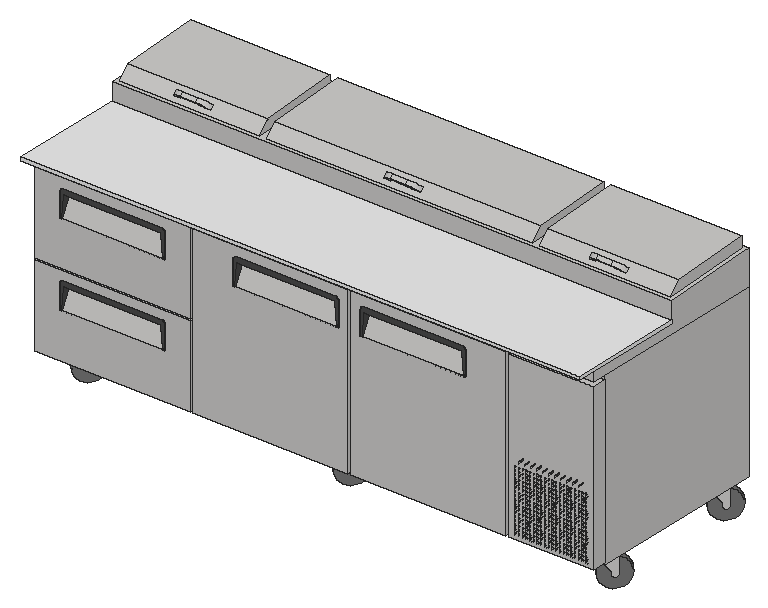
Revit family "QF_Turbo Air_TPR-93SD-D2", category Specialty Equipment, Revit 2012
Parameters
  Weight in Pounds = 711
  Watermarked By = "http://revitwatermark.com"
  Volts = 115 V
  URL Cutsheet = ""
  URL = "www.turboairinc.com"
  Status [instance] = ""
  Specification by User [instance] = ""
  Specification by Manufacturer [instance] = ""
  Serial Number [instance] = ""
  Revision Code [instance] = ""
  Phase = 1
  Number of Poles [instance] = 1
  NAFEM Spec ID Number [instance] = ""
  Model = "TPR-93SD-D2"
  Masterspec [instance] = ""
  Manufacturer = "Turbo Air"  # constant formula
  Legs [instance] = [6 inch Legs]  # no
  Item Number [instance] = "-"
  Installed By [instance] = ""
  HP = "2/3"
  Furnished By [instance] = ""
  Foodservice Equipment Identifier = yes
  FL Amps = 11 A
  Electrical Remarks [instance] = ""
  Electric Connection Type [instance] = ""
  Elec Conn RI Height [instance] = 0' - 0"
  Elec Conn Connection Height = 1' - 0"
  Description = "Pizza Prep Table"
  Cycle = 60 Hz
  Conn Plug = "NEMA 5-15P"
  Casters [instance] = not(Legs)  # yes
  CasterLeg Height [instance] = if([5 inch Casters], 0' 5 7/8", if([2_5 inch Casters], 0' 3 3/8", 0' 6"))  # 0' - 5 7/8"
  CSI MasterFormat = "11 41 13"
  Assembly Code = "E1090320"
  Apparent Power = if(Phase = 3, Volts * FL Amps * 1.73, Volts * FL Amps)  # 1265 VA
  6 inch Legs [instance] = no
  5 inch Casters [instance] = yes
  2_5 inch Casters [instance] = no
Reference planes (in)
  plane 1 "BACK": y = 0
  plane 2: z = 0
  plane 3 "LEFT": x = -20.78844
  plane 4 "RIGHT": x = 72.58656
  plane 5 "Front of Door": y = -32.25
  plane 6 "FRONT": y = -35.25
  plane 7 "Front of Pans": y = -16
  plane 8 "Left of Compressor": x = 58.46156
  plane 9 "Right of Left Door": x = 5.21156
  plane 10 "Bottom": z = 5.875
  plane 11 "TOP": z = 41.875
  plane 12 "Door Clearance": z = 53.25
  plane 13 "Work Top": z = 35.875
  plane 14: z = 34.3125
  plane 15 "Top of Door": z = 33.5625
  plane 16 "Bottom of Door": z = 6.125
  plane 17 "Back Stops": y = 1
  plane 18 "Front of Box": y = -29.875
  plane 19 "Left of Left Lid": x = -20.10094
  plane 20 "Right of Right Lid": x = 71.89906
  plane 21 "Handle Center of Left Lid": x = -8.44469
  plane 22 "Handle Elevation": z = 40.14331
  plane 23 "Handle Center FB": y = -14.47887
  plane 24 "Right of Right Door": x = 57.96156
  plane 25 "Left of Right Door": x = 31.96156
  plane 26 "Right of Left Lid": x = 3.21156
  plane 27 "Left of Right Lid": x = 50.02406
  plane 28 "Handle Center Right Lid": x = 60.96156
  plane 29 "Left of Middle Lid": x = 4.39906
  plane 30 "Right of Middle Lid": x = 48.83656
  plane 31 "Handle Center Middle Lid": x = 26.61781
  plane 32 "Left of Middle Door": x = 5.58656
  plane 33 "Right of Middle Door": x = 31.58656
  plane 34 "Front of Drawer Clearance": y = -57.375
Forms (in)
  Extrusion 1, solid, material "QF_Finishes_Stainless Steel"
    sketch origin (-20.78844, 0, 0) x (0, 1, 0) y (0, 0, 1)
      loop
        line (0, 34.3125) -> (-29.875, 34.3125) -> (-29.875, 5.875) -> (0, 5.875) -> (0, 34.3125)
    from 0 to 93.375
  Extrusion 2, solid, material "QF_Finishes_Stainless Steel"
    sketch origin (-20.78844, 0, 0) x (0, 1, 0) y (0, 0, 1)
      loop
        line (0, 34.3125) -> (0, 40.1875) -> (-16, 39.1875) -> (-16, 35.875) -> (-32.25, 35.875) -> (-32.25, 34.3125) -> (0, 34.3125)
    from 0 to 93.375
  Extrusion 3, solid, material "QF_Finishes_Stainless Steel"
    sketch origin (-20.10094, 0, 0) x (0, 1, 0) y (0, 0, 1)
      loop
        line (-0.43665, 40.16021) -> (-0.54382, 41.875) -> (-13.67506, 41.0543) -> (-15.28268, 39.23233) -> (-0.43665, 40.16021)
    from 0 to 23.3125
  Extrusion 4, solid, material "QF_Finishes_Stainless Steel"
    sketch origin (0, 15.62211, 13.58363) x (1, 0, 0) y (0, -0.749838, 0.661622)
      loop
        line (-6.44469, 40.14331) -> (-5.44469, 40.14331)
        arc (-5.44469, 40.14331) -> (-6.1194, 41.04872) -> (-7.19469, 41.39331) r 1.85
        line (-7.19469, 41.39331) -> (-9.69469, 41.39331)
        arc (-9.69469, 41.39331) -> (-10.76998, 41.04872) -> (-11.44469, 40.14331) r 1.85
        line (-11.44469, 40.14331) -> (-10.44469, 40.14331) -> (-10.44469, 40.64331)
        arc (-10.44469, 40.64331) -> (-10.29824, 40.99687) -> (-9.94469, 41.14331) r 0.5
        line (-9.94469, 41.14331) -> (-6.94469, 41.14331)
        arc (-6.94469, 41.14331) -> (-6.59114, 40.99687) -> (-6.44469, 40.64331) r 0.5
        line (-6.44469, 40.64331) -> (-6.44469, 40.14331)
    from -0.375 to 0.375
  Extrusion 5, solid, material "QF_Finishes_Black"
    sketch origin (0, -29.875, 0) x (1, 0, 0) y (0, 0, 1)
      loop
        line (-19.78844, 32.5625) -> (-19.78844, 7.125) -> (4.21156, 7.125) -> (4.21156, 32.5625) -> (-19.78844, 32.5625)
    from 0 to 0.5625
  Extrusion 6, solid, material "QF_Finishes_Stainless Steel"
    sketch origin (0, -29.875, 0) x (1, 0, 0) y (0, 0, 1)
      loop
        line (58.46156, 33.5625) -> (58.46156, 6.125) -> (72.58656, 6.125) -> (72.58656, 33.5625) -> (58.46156, 33.5625)
      loop
        line (66.02406, 7.125) -> (65.64906, 7.125) -> (65.64906, 6.75) -> (66.02406, 6.75) -> (66.02406, 7.125)
      loop
        line (66.64906, 7.125) -> (66.27406, 7.125) -> (66.27406, 6.75) -> (66.64906, 6.75) -> (66.64906, 7.125)
      loop
        line (67.27406, 7.125) -> (66.89906, 7.125) -> (66.89906, 6.75) -> (67.27406, 6.75) -> (67.27406, 7.125)
      loop
        line (67.89906, 7.125) -> (67.52406, 7.125) -> (67.52406, 6.75) -> (67.89906, 6.75) -> (67.89906, 7.125)
      loop
        line (68.52406, 7.125) -> (68.14906, 7.125) -> (68.14906, 6.75) -> (68.52406, 6.75) -> (68.52406, 7.125)
      loop
        line (69.14906, 7.125) -> (68.77406, 7.125) -> (68.77406, 6.75) -> (69.14906, 6.75) -> (69.14906, 7.125)
      loop
        line (69.77406, 7.125) -> (69.39906, 7.125) -> (69.39906, 6.75) -> (69.77406, 6.75) -> (69.77406, 7.125)
      loop
        line (70.39906, 7.125) -> (70.02406, 7.125) -> (70.02406, 6.75) -> (70.39906, 6.75) -> (70.39906, 7.125)
      loop
        line (71.02406, 7.125) -> (70.64906, 7.125) -> (70.64906, 6.75) -> (71.02406, 6.75) -> (71.02406, 7.125)
      loop
        line (71.64906, 6.75) -> (71.64906, 7.125) -> (71.27406, 7.125) -> (71.27406, 6.75) -> (71.64906, 6.75)
      loop
        line (65.02406, 7.125) -> (65.02406, 6.75) -> (65.39906, 6.75) -> (65.39906, 7.125) -> (65.02406, 7.125)
      loop
        line (64.39906, 7.125) -> (64.39906, 6.75) -> (64.77406, 6.75) -> (64.77406, 7.125) -> (64.39906, 7.125)
      loop
        line (63.77406, 7.125) -> (63.77406, 6.75) -> (64.14906, 6.75) -> (64.14906, 7.125) -> (63.77406, 7.125)
      loop
        line (63.14906, 7.125) -> (63.14906, 6.75) -> (63.52406, 6.75) -> (63.52406, 7.125) -> (63.14906, 7.125)
      loop
        line (62.52406, 7.125) -> (62.52406, 6.75) -> (62.89906, 6.75) -> (62.89906, 7.125) -> (62.52406, 7.125)
      loop
        line (61.89906, 7.125) -> (61.89906, 6.75) -> (62.27406, 6.75) -> (62.27406, 7.125) -> (61.89906, 7.125)
      loop
        line (61.27406, 7.125) -> (61.27406, 6.75) -> (61.64906, 6.75) -> (61.64906, 7.125) -> (61.27406, 7.125)
      loop
        line (60.64906, 7.125) -> (60.64906, 6.75) -> (61.02406, 6.75) -> (61.02406, 7.125) -> (60.64906, 7.125)
      loop
        line (60.02406, 7.125) -> (60.02406, 6.75) -> (60.39906, 6.75) -> (60.39906, 7.125) -> (60.02406, 7.125)
      loop
        line (59.39906, 6.75) -> (59.77406, 6.75) -> (59.77406, 7.125) -> (59.39906, 7.125) -> (59.39906, 6.75)
      loop
        line (66.02406, 7.75) -> (65.64906, 7.75) -> (65.64906, 7.375) -> (66.02406, 7.375) -> (66.02406, 7.75)
      loop
        line (66.64906, 7.75) -> (66.27406, 7.75) -> (66.27406, 7.375) -> (66.64906, 7.375) -> (66.64906, 7.75)
      loop
        line (67.27406, 7.75) -> (66.89906, 7.75) -> (66.89906, 7.375) -> (67.27406, 7.375) -> (67.27406, 7.75)
      loop
        line (67.89906, 7.75) -> (67.52406, 7.75) -> (67.52406, 7.375) -> (67.89906, 7.375) -> (67.89906, 7.75)
      loop
        line (68.52406, 7.75) -> (68.14906, 7.75) -> (68.14906, 7.375) -> (68.52406, 7.375) -> (68.52406, 7.75)
      loop
        line (69.14906, 7.75) -> (68.77406, 7.75) -> (68.77406, 7.375) -> (69.14906, 7.375) -> (69.14906, 7.75)
      loop
        line (69.77406, 7.75) -> (69.39906, 7.75) -> (69.39906, 7.375) -> (69.77406, 7.375) -> (69.77406, 7.75)
      loop
        line (70.39906, 7.75) -> (70.02406, 7.75) -> (70.02406, 7.375) -> (70.39906, 7.375) -> (70.39906, 7.75)
      loop
        line (71.02406, 7.75) -> (70.64906, 7.75) -> (70.64906, 7.375) -> (71.02406, 7.375) -> (71.02406, 7.75)
      loop
        line (71.64906, 7.375) -> (71.64906, 7.75) -> (71.27406, 7.75) -> (71.27406, 7.375) -> (71.64906, 7.375)
      loop
        line (65.02406, 7.75) -> (65.02406, 7.375) -> (65.39906, 7.375) -> (65.39906, 7.75) -> (65.02406, 7.75)
      loop
        line (64.39906, 7.75) -> (64.39906, 7.375) -> (64.77406, 7.375) -> (64.77406, 7.75) -> (64.39906, 7.75)
      loop
        line (63.77406, 7.75) -> (63.77406, 7.375) -> (64.14906, 7.375) -> (64.14906, 7.75) -> (63.77406, 7.75)
      loop
        line (63.14906, 7.75) -> (63.14906, 7.375) -> (63.52406, 7.375) -> (63.52406, 7.75) -> (63.14906, 7.75)
      loop
        line (62.52406, 7.75) -> (62.52406, 7.375) -> (62.89906, 7.375) -> (62.89906, 7.75) -> (62.52406, 7.75)
      loop
        line (61.89906, 7.75) -> (61.89906, 7.375) -> (62.27406, 7.375) -> (62.27406, 7.75) -> (61.89906, 7.75)
      loop
        line (61.27406, 7.75) -> (61.27406, 7.375) -> (61.64906, 7.375) -> (61.64906, 7.75) -> (61.27406, 7.75)
      loop
        line (60.64906, 7.75) -> (60.64906, 7.375) -> (61.02406, 7.375) -> (61.02406, 7.75) -> (60.64906, 7.75)
      loop
        line (60.02406, 7.75) -> (60.02406, 7.375) -> (60.39906, 7.375) -> (60.39906, 7.75) -> (60.02406, 7.75)
      loop
        line (59.39906, 7.375) -> (59.77406, 7.375) -> (59.77406, 7.75) -> (59.39906, 7.75) -> (59.39906, 7.375)
      loop
        line (66.02406, 8.375) -> (65.64906, 8.375) -> (65.64906, 8) -> (66.02406, 8) -> (66.02406, 8.375)
      loop
        line (66.64906, 8.375) -> (66.27406, 8.375) -> (66.27406, 8) -> (66.64906, 8) -> (66.64906, 8.375)
      loop
        line (67.27406, 8.375) -> (66.89906, 8.375) -> (66.89906, 8) -> (67.27406, 8) -> (67.27406, 8.375)
      loop
        line (67.89906, 8.375) -> (67.52406, 8.375) -> (67.52406, 8) -> (67.89906, 8) -> (67.89906, 8.375)
      loop
        line (68.52406, 8.375) -> (68.14906, 8.375) -> (68.14906, 8) -> (68.52406, 8) -> (68.52406, 8.375)
      loop
        line (69.14906, 8.375) -> (68.77406, 8.375) -> (68.77406, 8) -> (69.14906, 8) -> (69.14906, 8.375)
      loop
        line (69.77406, 8.375) -> (69.39906, 8.375) -> (69.39906, 8) -> (69.77406, 8) -> (69.77406, 8.375)
      loop
        line (70.39906, 8.375) -> (70.02406, 8.375) -> (70.02406, 8) -> (70.39906, 8) -> (70.39906, 8.375)
      loop
        line (71.02406, 8.375) -> (70.64906, 8.375) -> (70.64906, 8) -> (71.02406, 8) -> (71.02406, 8.375)
      loop
        line (71.64906, 8) -> (71.64906, 8.375) -> (71.27406, 8.375) -> (71.27406, 8) -> (71.64906, 8)
      loop
        line (65.02406, 8.375) -> (65.02406, 8) -> (65.39906, 8) -> (65.39906, 8.375) -> (65.02406, 8.375)
      loop
        line (64.39906, 8.375) -> (64.39906, 8) -> (64.77406, 8) -> (64.77406, 8.375) -> (64.39906, 8.375)
      loop
        line (63.77406, 8.375) -> (63.77406, 8) -> (64.14906, 8) -> (64.14906, 8.375) -> (63.77406, 8.375)
      loop
        line (63.14906, 8.375) -> (63.14906, 8) -> (63.52406, 8) -> (63.52406, 8.375) -> (63.14906, 8.375)
      loop
        line (62.52406, 8.375) -> (62.52406, 8) -> (62.89906, 8) -> (62.89906, 8.375) -> (62.52406, 8.375)
      loop
        line (61.89906, 8.375) -> (61.89906, 8) -> (62.27406, 8) -> (62.27406, 8.375) -> (61.89906, 8.375)
      loop
        line (61.27406, 8.375) -> (61.27406, 8) -> (61.64906, 8) -> (61.64906, 8.375) -> (61.27406, 8.375)
      loop
        line (60.64906, 8.375) -> (60.64906, 8) -> (61.02406, 8) -> (61.02406, 8.375) -> (60.64906, 8.375)
      loop
        line (60.02406, 8.375) -> (60.02406, 8) -> (60.39906, 8) -> (60.39906, 8.375) -> (60.02406, 8.375)
      loop
        line (59.39906, 8) -> (59.77406, 8) -> (59.77406, 8.375) -> (59.39906, 8.375) -> (59.39906, 8)
      loop
        line (66.02406, 9) -> (65.64906, 9) -> (65.64906, 8.625) -> (66.02406, 8.625) -> (66.02406, 9)
      loop
        line (66.64906, 9) -> (66.27406, 9) -> (66.27406, 8.625) -> (66.64906, 8.625) -> (66.64906, 9)
      loop
        line (67.27406, 9) -> (66.89906, 9) -> (66.89906, 8.625) -> (67.27406, 8.625) -> (67.27406, 9)
      loop
        line (67.89906, 9) -> (67.52406, 9) -> (67.52406, 8.625) -> (67.89906, 8.625) -> (67.89906, 9)
      loop
        line (68.52406, 9) -> (68.14906, 9) -> (68.14906, 8.625) -> (68.52406, 8.625) -> (68.52406, 9)
      loop
        line (69.14906, 9) -> (68.77406, 9) -> (68.77406, 8.625) -> (69.14906, 8.625) -> (69.14906, 9)
      loop
        line (69.77406, 9) -> (69.39906, 9) -> (69.39906, 8.625) -> (69.77406, 8.625) -> (69.77406, 9)
      loop
        line (70.39906, 9) -> (70.02406, 9) -> (70.02406, 8.625) -> (70.39906, 8.625) -> (70.39906, 9)
      loop
        line (71.02406, 9) -> (70.64906, 9) -> (70.64906, 8.625) -> (71.02406, 8.625) -> (71.02406, 9)
      loop
        line (71.64906, 8.625) -> (71.64906, 9) -> (71.27406, 9) -> (71.27406, 8.625) -> (71.64906, 8.625)
      loop
        line (65.02406, 9) -> (65.02406, 8.625) -> (65.39906, 8.625) -> (65.39906, 9) -> (65.02406, 9)
      loop
        line (64.39906, 9) -> (64.39906, 8.625) -> (64.77406, 8.625) -> (64.77406, 9) -> (64.39906, 9)
      loop
        line (63.77406, 9) -> (63.77406, 8.625) -> (64.14906, 8.625) -> (64.14906, 9) -> (63.77406, 9)
      loop
        line (63.14906, 9) -> (63.14906, 8.625) -> (63.52406, 8.625) -> (63.52406, 9) -> (63.14906, 9)
      loop
        line (62.52406, 9) -> (62.52406, 8.625) -> (62.89906, 8.625) -> (62.89906, 9) -> (62.52406, 9)
      loop
        line (61.89906, 9) -> (61.89906, 8.625) -> (62.27406, 8.625) -> (62.27406, 9) -> (61.89906, 9)
      loop
        line (61.27406, 9) -> (61.27406, 8.625) -> (61.64906, 8.625) -> (61.64906, 9) -> (61.27406, 9)
      loop
        line (60.64906, 9) -> (60.64906, 8.625) -> (61.02406, 8.625) -> (61.02406, 9) -> (60.64906, 9)
      loop
        line (60.02406, 9) -> (60.02406, 8.625) -> (60.39906, 8.625) -> (60.39906, 9) -> (60.02406, 9)
      loop
        line (59.39906, 8.625) -> (59.77406, 8.625) -> (59.77406, 9) -> (59.39906, 9) -> (59.39906, 8.625)
      loop
        line (66.02406, 9.625) -> (65.64906, 9.625) -> (65.64906, 9.25) -> (66.02406, 9.25) -> (66.02406, 9.625)
      loop
        line (66.64906, 9.625) -> (66.27406, 9.625) -> (66.27406, 9.25) -> (66.64906, 9.25) -> (66.64906, 9.625)
      loop
        line (67.27406, 9.625) -> (66.89906, 9.625) -> (66.89906, 9.25) -> (67.27406, 9.25) -> (67.27406, 9.625)
      loop
        line (67.89906, 9.625) -> (67.52406, 9.625) -> (67.52406, 9.25) -> (67.89906, 9.25) -> (67.89906, 9.625)
      loop
        line (68.52406, 9.625) -> (68.14906, 9.625) -> (68.14906, 9.25) -> (68.52406, 9.25) -> (68.52406, 9.625)
      loop
        line (69.14906, 9.625) -> (68.77406, 9.625) -> (68.77406, 9.25) -> (69.14906, 9.25) -> (69.14906, 9.625)
      loop
        line (69.77406, 9.625) -> (69.39906, 9.625) -> (69.39906, 9.25) -> (69.77406, 9.25) -> (69.77406, 9.625)
      loop
        line (70.39906, 9.625) -> (70.02406, 9.625) -> (70.02406, 9.25) -> (70.39906, 9.25) -> (70.39906, 9.625)
      loop
        line (71.02406, 9.625) -> (70.64906, 9.625) -> (70.64906, 9.25) -> (71.02406, 9.25) -> (71.02406, 9.625)
      loop
        line (71.64906, 9.25) -> (71.64906, 9.625) -> (71.27406, 9.625) -> (71.27406, 9.25) -> (71.64906, 9.25)
      loop
        line (65.02406, 9.625) -> (65.02406, 9.25) -> (65.39906, 9.25) -> (65.39906, 9.625) -> (65.02406, 9.625)
      loop
        line (64.39906, 9.625) -> (64.39906, 9.25) -> (64.77406, 9.25) -> (64.77406, 9.625) -> (64.39906, 9.625)
      loop
        line (63.77406, 9.625) -> (63.77406, 9.25) -> (64.14906, 9.25) -> (64.14906, 9.625) -> (63.77406, 9.625)
      loop
        line (63.14906, 9.625) -> (63.14906, 9.25) -> (63.52406, 9.25) -> (63.52406, 9.625) -> (63.14906, 9.625)
      loop
        line (62.52406, 9.625) -> (62.52406, 9.25) -> (62.89906, 9.25) -> (62.89906, 9.625) -> (62.52406, 9.625)
      loop
        line (61.89906, 9.625) -> (61.89906, 9.25) -> (62.27406, 9.25) -> (62.27406, 9.625) -> (61.89906, 9.625)
      loop
        line (61.27406, 9.625) -> (61.27406, 9.25) -> (61.64906, 9.25) -> (61.64906, 9.625) -> (61.27406, 9.625)
      loop
        line (60.64906, 9.625) -> (60.64906, 9.25) -> (61.02406, 9.25) -> (61.02406, 9.625) -> (60.64906, 9.625)
      loop
        line (60.02406, 9.625) -> (60.02406, 9.25) -> (60.39906, 9.25) -> (60.39906, 9.625) -> (60.02406, 9.625)
      loop
        line (59.39906, 9.25) -> (59.77406, 9.25) -> (59.77406, 9.625) -> (59.39906, 9.625) -> (59.39906, 9.25)
      loop
        line (66.02406, 10.25) -> (65.64906, 10.25) -> (65.64906, 9.875) -> (66.02406, 9.875) -> (66.02406, 10.25)
      loop
        line (66.64906, 10.25) -> (66.27406, 10.25) -> (66.27406, 9.875) -> (66.64906, 9.875) -> (66.64906, 10.25)
      loop
        line (67.27406, 10.25) -> (66.89906, 10.25) -> (66.89906, 9.875) -> (67.27406, 9.875) -> (67.27406, 10.25)
      loop
        line (67.89906, 10.25) -> (67.52406, 10.25) -> (67.52406, 9.875) -> (67.89906, 9.875) -> (67.89906, 10.25)
      loop
        line (68.52406, 10.25) -> (68.14906, 10.25) -> (68.14906, 9.875) -> (68.52406, 9.875) -> (68.52406, 10.25)
      loop
        line (69.14906, 10.25) -> (68.77406, 10.25) -> (68.77406, 9.875) -> (69.14906, 9.875) -> (69.14906, 10.25)
      loop
        line (69.77406, 10.25) -> (69.39906, 10.25) -> (69.39906, 9.875) -> (69.77406, 9.875) -> (69.77406, 10.25)
      loop
        line (70.39906, 10.25) -> (70.02406, 10.25) -> (70.02406, 9.875) -> (70.39906, 9.875) -> (70.39906, 10.25)
      loop
        line (71.02406, 10.25) -> (70.64906, 10.25) -> (70.64906, 9.875) -> (71.02406, 9.875) -> (71.02406, 10.25)
      loop
        line (71.64906, 9.875) -> (71.64906, 10.25) -> (71.27406, 10.25) -> (71.27406, 9.875) -> (71.64906, 9.875)
      loop
        line (65.02406, 10.25) -> (65.02406, 9.875) -> (65.39906, 9.875) -> (65.39906, 10.25) -> (65.02406, 10.25)
      loop
        line (64.39906, 10.25) -> (64.39906, 9.875) -> (64.77406, 9.875) -> (64.77406, 10.25) -> (64.39906, 10.25)
      loop
        line (63.77406, 10.25) -> (63.77406, 9.875) -> (64.14906, 9.875) -> (64.14906, 10.25) -> (63.77406, 10.25)
      loop
        line (63.14906, 10.25) -> (63.14906, 9.875) -> (63.52406, 9.875) -> (63.52406, 10.25) -> (63.14906, 10.25)
      loop
        line (62.52406, 10.25) -> (62.52406, 9.875) -> (62.89906, 9.875) -> (62.89906, 10.25) -> (62.52406, 10.25)
      loop
        line (61.89906, 10.25) -> (61.89906, 9.875) -> (62.27406, 9.875) -> (62.27406, 10.25) -> (61.89906, 10.25)
      loop
        line (61.27406, 10.25) -> (61.27406, 9.875) -> (61.64906, 9.875) -> (61.64906, 10.25) -> (61.27406, 10.25)
      loop
        line (60.64906, 10.25) -> (60.64906, 9.875) -> (61.02406, 9.875) -> (61.02406, 10.25) -> (60.64906, 10.25)
      loop
        line (60.02406, 10.25) -> (60.02406, 9.875) -> (60.39906, 9.875) -> (60.39906, 10.25) -> (60.02406, 10.25)
      loop
        line (59.39906, 9.875) -> (59.77406, 9.875) -> (59.77406, 10.25) -> (59.39906, 10.25) -> (59.39906, 9.875)
      loop
        line (66.02406, 10.875) -> (65.64906, 10.875) -> (65.64906, 10.5) -> (66.02406, 10.5) -> (66.02406, 10.875)
      loop
        line (66.64906, 10.875) -> (66.27406, 10.875) -> (66.27406, 10.5) -> (66.64906, 10.5) -> (66.64906, 10.875)
      loop
        line (67.27406, 10.875) -> (66.89906, 10.875) -> (66.89906, 10.5) -> (67.27406, 10.5) -> (67.27406, 10.875)
      loop
        line (67.89906, 10.875) -> (67.52406, 10.875) -> (67.52406, 10.5) -> (67.89906, 10.5) -> (67.89906, 10.875)
      loop
        line (68.52406, 10.875) -> (68.14906, 10.875) -> (68.14906, 10.5) -> (68.52406, 10.5) -> (68.52406, 10.875)
      loop
        line (69.14906, 10.875) -> (68.77406, 10.875) -> (68.77406, 10.5) -> (69.14906, 10.5) -> (69.14906, 10.875)
      loop
        line (69.77406, 10.875) -> (69.39906, 10.875) -> (69.39906, 10.5) -> (69.77406, 10.5) -> (69.77406, 10.875)
      loop
        line (70.39906, 10.875) -> (70.02406, 10.875) -> (70.02406, 10.5) -> (70.39906, 10.5) -> (70.39906, 10.875)
      loop
        line (71.02406, 10.875) -> (70.64906, 10.875) -> (70.64906, 10.5) -> (71.02406, 10.5) -> (71.02406, 10.875)
      loop
        line (71.64906, 10.5) -> (71.64906, 10.875) -> (71.27406, 10.875) -> (71.27406, 10.5) -> (71.64906, 10.5)
      loop
        line (65.02406, 10.875) -> (65.02406, 10.5) -> (65.39906, 10.5) -> (65.39906, 10.875) -> (65.02406, 10.875)
      loop
        line (64.39906, 10.875) -> (64.39906, 10.5) -> (64.77406, 10.5) -> (64.77406, 10.875) -> (64.39906, 10.875)
      loop
        line (63.77406, 10.875) -> (63.77406, 10.5) -> (64.14906, 10.5) -> (64.14906, 10.875) -> (63.77406, 10.875)
      loop
        line (63.14906, 10.875) -> (63.14906, 10.5) -> (63.52406, 10.5) -> (63.52406, 10.875) -> (63.14906, 10.875)
      loop
        line (62.52406, 10.875) -> (62.52406, 10.5) -> (62.89906, 10.5) -> (62.89906, 10.875) -> (62.52406, 10.875)
      loop
        line (61.89906, 10.875) -> (61.89906, 10.5) -> (62.27406, 10.5) -> (62.27406, 10.875) -> (61.89906, 10.875)
      loop
        line (61.27406, 10.875) -> (61.27406, 10.5) -> (61.64906, 10.5) -> (61.64906, 10.875) -> (61.27406, 10.875)
      loop
        line (60.64906, 10.875) -> (60.64906, 10.5) -> (61.02406, 10.5) -> (61.02406, 10.875) -> (60.64906, 10.875)
      loop
        line (60.02406, 10.875) -> (60.02406, 10.5) -> (60.39906, 10.5) -> (60.39906, 10.875) -> (60.02406, 10.875)
      loop
        line (59.39906, 10.5) -> (59.77406, 10.5) -> (59.77406, 10.875) -> (59.39906, 10.875) -> (59.39906, 10.5)
      loop
        line (66.02406, 11.5) -> (65.64906, 11.5) -> (65.64906, 11.125) -> (66.02406, 11.125) -> (66.02406, 11.5)
      loop
        line (66.64906, 11.5) -> (66.27406, 11.5) -> (66.27406, 11.125) -> (66.64906, 11.125) -> (66.64906, 11.5)
      loop
        line (67.27406, 11.5) -> (66.89906, 11.5) -> (66.89906, 11.125) -> (67.27406, 11.125) -> (67.27406, 11.5)
      loop
        line (67.89906, 11.5) -> (67.52406, 11.5) -> (67.52406, 11.125) -> (67.89906, 11.125) -> (67.89906, 11.5)
      loop
        line (68.52406, 11.5) -> (68.14906, 11.5) -> (68.14906, 11.125) -> (68.52406, 11.125) -> (68.52406, 11.5)
      loop
        line (69.14906, 11.5) -> (68.77406, 11.5) -> (68.77406, 11.125) -> (69.14906, 11.125) -> (69.14906, 11.5)
      loop
        line (69.77406, 11.5) -> (69.39906, 11.5) -> (69.39906, 11.125) -> (69.77406, 11.125) -> (69.77406, 11.5)
      loop
        line (70.39906, 11.5) -> (70.02406, 11.5) -> (70.02406, 11.125) -> (70.39906, 11.125) -> (70.39906, 11.5)
      loop
        line (71.02406, 11.5) -> (70.64906, 11.5) -> (70.64906, 11.125) -> (71.02406, 11.125) -> (71.02406, 11.5)
      loop
        line (71.64906, 11.125) -> (71.64906, 11.5) -> (71.27406, 11.5) -> (71.27406, 11.125) -> (71.64906, 11.125)
      loop
        line (65.02406, 11.5) -> (65.02406, 11.125) -> (65.39906, 11.125) -> (65.39906, 11.5) -> (65.02406, 11.5)
      loop
        line (64.39906, 11.5) -> (64.39906, 11.125) -> (64.77406, 11.125) -> (64.77406, 11.5) -> (64.39906, 11.5)
      loop
        line (63.77406, 11.5) -> (63.77406, 11.125) -> (64.14906, 11.125) -> (64.14906, 11.5) -> (63.77406, 11.5)
      loop
        line (63.14906, 11.5) -> (63.14906, 11.125) -> (63.52406, 11.125) -> (63.52406, 11.5) -> (63.14906, 11.5)
      loop
        line (62.52406, 11.5) -> (62.52406, 11.125) -> (62.89906, 11.125) -> (62.89906, 11.5) -> (62.52406, 11.5)
      loop
        line (61.89906, 11.5) -> (61.89906, 11.125) -> (62.27406, 11.125) -> (62.27406, 11.5) -> (61.89906, 11.5)
      loop
        line (61.27406, 11.5) -> (61.27406, 11.125) -> (61.64906, 11.125) -> (61.64906, 11.5) -> (61.27406, 11.5)
      loop
        line (60.64906, 11.5) -> (60.64906, 11.125) -> (61.02406, 11.125) -> (61.02406, 11.5) -> (60.64906, 11.5)
      loop
        line (60.02406, 11.5) -> (60.02406, 11.125) -> (60.39906, 11.125) -> (60.39906, 11.5) -> (60.02406, 11.5)
      loop
        line (59.39906, 11.125) -> (59.77406, 11.125) -> (59.77406, 11.5) -> (59.39906, 11.5) -> (59.39906, 11.125)
      loop
        line (66.02406, 12.125) -> (65.64906, 12.125) -> (65.64906, 11.75) -> (66.02406, 11.75) -> (66.02406, 12.125)
      loop
        line (66.64906, 12.125) -> (66.27406, 12.125) -> (66.27406, 11.75) -> (66.64906, 11.75) -> (66.64906, 12.125)
      loop
        line (67.27406, 12.125) -> (66.89906, 12.125) -> (66.89906, 11.75) -> (67.27406, 11.75) -> (67.27406, 12.125)
      loop
        line (67.89906, 12.125) -> (67.52406, 12.125) -> (67.52406, 11.75) -> (67.89906, 11.75) -> (67.89906, 12.125)
      loop
        line (68.52406, 12.125) -> (68.14906, 12.125) -> (68.14906, 11.75) -> (68.52406, 11.75) -> (68.52406, 12.125)
      loop
        line (69.14906, 12.125) -> (68.77406, 12.125) -> (68.77406, 11.75) -> (69.14906, 11.75) -> (69.14906, 12.125)
      loop
        line (69.77406, 12.125) -> (69.39906, 12.125) -> (69.39906, 11.75) -> (69.77406, 11.75) -> (69.77406, 12.125)
      loop
        line (70.39906, 12.125) -> (70.02406, 12.125) -> (70.02406, 11.75) -> (70.39906, 11.75) -> (70.39906, 12.125)
      loop
        line (71.02406, 12.125) -> (70.64906, 12.125) -> (70.64906, 11.75) -> (71.02406, 11.75) -> (71.02406, 12.125)
      loop
        line (71.64906, 11.75) -> (71.64906, 12.125) -> (71.27406, 12.125) -> (71.27406, 11.75) -> (71.64906, 11.75)
      loop
        line (65.02406, 12.125) -> (65.02406, 11.75) -> (65.39906, 11.75) -> (65.39906, 12.125) -> (65.02406, 12.125)
      loop
        line (64.39906, 12.125) -> (64.39906, 11.75) -> (64.77406, 11.75) -> (64.77406, 12.125) -> (64.39906, 12.125)
      loop
        line (63.77406, 12.125) -> (63.77406, 11.75) -> (64.14906, 11.75) -> (64.14906, 12.125) -> (63.77406, 12.125)
      loop
        line (63.14906, 12.125) -> (63.14906, 11.75) -> (63.52406, 11.75) -> (63.52406, 12.125) -> (63.14906, 12.125)
      loop
        line (62.52406, 12.125) -> (62.52406, 11.75) -> (62.89906, 11.75) -> (62.89906, 12.125) -> (62.52406, 12.125)
      loop
        line (61.89906, 12.125) -> (61.89906, 11.75) -> (62.27406, 11.75) -> (62.27406, 12.125) -> (61.89906, 12.125)
      loop
        line (61.27406, 12.125) -> (61.27406, 11.75) -> (61.64906, 11.75) -> (61.64906, 12.125) -> (61.27406, 12.125)
      loop
        line (60.64906, 12.125) -> (60.64906, 11.75) -> (61.02406, 11.75) -> (61.02406, 12.125) -> (60.64906, 12.125)
      loop
        line (60.02406, 12.125) -> (60.02406, 11.75) -> (60.39906, 11.75) -> (60.39906, 12.125) -> (60.02406, 12.125)
      loop
        line (59.39906, 11.75) -> (59.77406, 11.75) -> (59.77406, 12.125) -> (59.39906, 12.125) -> (59.39906, 11.75)
      loop
        line (66.02406, 12.75) -> (65.64906, 12.75) -> (65.64906, 12.375) -> (66.02406, 12.375) -> (66.02406, 12.75)
      loop
        line (66.64906, 12.75) -> (66.27406, 12.75) -> (66.27406, 12.375) -> (66.64906, 12.375) -> (66.64906, 12.75)
      loop
        line (67.27406, 12.75) -> (66.89906, 12.75) -> (66.89906, 12.375) -> (67.27406, 12.375) -> (67.27406, 12.75)
      loop
        line (67.89906, 12.75) -> (67.52406, 12.75) -> (67.52406, 12.375) -> (67.89906, 12.375) -> (67.89906, 12.75)
      loop
        line (68.52406, 12.75) -> (68.14906, 12.75) -> (68.14906, 12.375) -> (68.52406, 12.375) -> (68.52406, 12.75)
      loop
        line (69.14906, 12.75) -> (68.77406, 12.75) -> (68.77406, 12.375) -> (69.14906, 12.375) -> (69.14906, 12.75)
      loop
        line (69.77406, 12.75) -> (69.39906, 12.75) -> (69.39906, 12.375) -> (69.77406, 12.375) -> (69.77406, 12.75)
      loop
        line (70.39906, 12.75) -> (70.02406, 12.75) -> (70.02406, 12.375) -> (70.39906, 12.375) -> (70.39906, 12.75)
      loop
        line (71.02406, 12.75) -> (70.64906, 12.75) -> (70.64906, 12.375) -> (71.02406, 12.375) -> (71.02406, 12.75)
      loop
        line (71.64906, 12.375) -> (71.64906, 12.75) -> (71.27406, 12.75) -> (71.27406, 12.375) -> (71.64906, 12.375)
      loop
        line (65.02406, 12.75) -> (65.02406, 12.375) -> (65.39906, 12.375) -> (65.39906, 12.75) -> (65.02406, 12.75)
      loop
        line (64.39906, 12.75) -> (64.39906, 12.375) -> (64.77406, 12.375) -> (64.77406, 12.75) -> (64.39906, 12.75)
      loop
        line (63.77406, 12.75) -> (63.77406, 12.375) -> (64.14906, 12.375) -> (64.14906, 12.75) -> (63.77406, 12.75)
      loop
        line (63.14906, 12.75) -> (63.14906, 12.375) -> (63.52406, 12.375) -> (63.52406, 12.75) -> (63.14906, 12.75)
      loop
        line (62.52406, 12.75) -> (62.52406, 12.375) -> (62.89906, 12.375) -> (62.89906, 12.75) -> (62.52406, 12.75)
      loop
        line (61.89906, 12.75) -> (61.89906, 12.375) -> (62.27406, 12.375) -> (62.27406, 12.75) -> (61.89906, 12.75)
      loop
        line (61.27406, 12.75) -> (61.27406, 12.375) -> (61.64906, 12.375) -> (61.64906, 12.75) -> (61.27406, 12.75)
      loop
        line (60.64906, 12.75) -> (60.64906, 12.375) -> (61.02406, 12.375) -> (61.02406, 12.75) -> (60.64906, 12.75)
      loop
        line (60.02406, 12.75) -> (60.02406, 12.375) -> (60.39906, 12.375) -> (60.39906, 12.75) -> (60.02406, 12.75)
      loop
        line (59.39906, 12.375) -> (59.77406, 12.375) -> (59.77406, 12.75) -> (59.39906, 12.75) -> (59.39906, 12.375)
      loop
        line (66.02406, 13.375) -> (65.64906, 13.375) -> (65.64906, 13) -> (66.02406, 13) -> (66.02406, 13.375)
      loop
        line (66.64906, 13.375) -> (66.27406, 13.375) -> (66.27406, 13) -> (66.64906, 13) -> (66.64906, 13.375)
      loop
        line (67.27406, 13.375) -> (66.89906, 13.375) -> (66.89906, 13) -> (67.27406, 13) -> (67.27406, 13.375)
      loop
        line (67.89906, 13.375) -> (67.52406, 13.375) -> (67.52406, 13) -> (67.89906, 13) -> (67.89906, 13.375)
      loop
        line (68.52406, 13.375) -> (68.14906, 13.375) -> (68.14906, 13) -> (68.52406, 13) -> (68.52406, 13.375)
      loop
        line (69.14906, 13.375) -> (68.77406, 13.375) -> (68.77406, 13) -> (69.14906, 13) -> (69.14906, 13.375)
      loop
        line (69.77406, 13.375) -> (69.39906, 13.375) -> (69.39906, 13) -> (69.77406, 13) -> (69.77406, 13.375)
      loop
        line (70.39906, 13.375) -> (70.02406, 13.375) -> (70.02406, 13) -> (70.39906, 13) -> (70.39906, 13.375)
      loop
        line (71.02406, 13.375) -> (70.64906, 13.375) -> (70.64906, 13) -> (71.02406, 13) -> (71.02406, 13.375)
      loop
        line (71.64906, 13) -> (71.64906, 13.375) -> (71.27406, 13.375) -> (71.27406, 13) -> (71.64906, 13)
      loop
        line (65.02406, 13.375) -> (65.02406, 13) -> (65.39906, 13) -> (65.39906, 13.375) -> (65.02406, 13.375)
      loop
        line (64.39906, 13.375) -> (64.39906, 13) -> (64.77406, 13) -> (64.77406, 13.375) -> (64.39906, 13.375)
      loop
        line (63.77406, 13.375) -> (63.77406, 13) -> (64.14906, 13) -> (64.14906, 13.375) -> (63.77406, 13.375)
      loop
        line (63.14906, 13.375) -> (63.14906, 13) -> (63.52406, 13) -> (63.52406, 13.375) -> (63.14906, 13.375)
      loop
        line (62.52406, 13.375) -> (62.52406, 13) -> (62.89906, 13) -> (62.89906, 13.375) -> (62.52406, 13.375)
      loop
        line (61.89906, 13.375) -> (61.89906, 13) -> (62.27406, 13) -> (62.27406, 13.375) -> (61.89906, 13.375)
      loop
        line (61.27406, 13.375) -> (61.27406, 13) -> (61.64906, 13) -> (61.64906, 13.375) -> (61.27406, 13.375)
      loop
        line (60.64906, 13.375) -> (60.64906, 13) -> (61.02406, 13) -> (61.02406, 13.375) -> (60.64906, 13.375)
      loop
        line (60.02406, 13.375) -> (60.02406, 13) -> (60.39906, 13) -> (60.39906, 13.375) -> (60.02406, 13.375)
      loop
        line (59.39906, 13) -> (59.77406, 13) -> (59.77406, 13.375) -> (59.39906, 13.375) -> (59.39906, 13)
      loop
        line (66.02406, 14) -> (65.64906, 14) -> (65.64906, 13.625) -> (66.02406, 13.625) -> (66.02406, 14)
      loop
        line (66.64906, 14) -> (66.27406, 14) -> (66.27406, 13.625) -> (66.64906, 13.625) -> (66.64906, 14)
      loop
        line (67.27406, 14) -> (66.89906, 14) -> (66.89906, 13.625) -> (67.27406, 13.625) -> (67.27406, 14)
      loop
        line (67.89906, 14) -> (67.52406, 14) -> (67.52406, 13.625) -> (67.89906, 13.625) -> (67.89906, 14)
      loop
        line (68.52406, 14) -> (68.14906, 14) -> (68.14906, 13.625) -> (68.52406, 13.625) -> (68.52406, 14)
      loop
        line (69.14906, 14) -> (68.77406, 14) -> (68.77406, 13.625) -> (69.14906, 13.625) -> (69.14906, 14)
      loop
        line (69.77406, 14) -> (69.39906, 14) -> (69.39906, 13.625) -> (69.77406, 13.625) -> (69.77406, 14)
      loop
        line (70.39906, 14) -> (70.02406, 14) -> (70.02406, 13.625) -> (70.39906, 13.625) -> (70.39906, 14)
      loop
        line (71.02406, 14) -> (70.64906, 14) -> (70.64906, 13.625) -> (71.02406, 13.625) -> (71.02406, 14)
      loop
        line (71.64906, 13.625) -> (71.64906, 14) -> (71.27406, 14) -> (71.27406, 13.625) -> (71.64906, 13.625)
      loop
        line (65.02406, 14) -> (65.02406, 13.625) -> (65.39906, 13.625) -> (65.39906, 14) -> (65.02406, 14)
      loop
        line (64.39906, 14) -> (64.39906, 13.625) -> (64.77406, 13.625) -> (64.77406, 14) -> (64.39906, 14)
      loop
        line (63.77406, 14) -> (63.77406, 13.625) -> (64.14906, 13.625) -> (64.14906, 14) -> (63.77406, 14)
      loop
        line (63.14906, 14) -> (63.14906, 13.625) -> (63.52406, 13.625) -> (63.52406, 14) -> (63.14906, 14)
      loop
        line (62.52406, 14) -> (62.52406, 13.625) -> (62.89906, 13.625) -> (62.89906, 14) -> (62.52406, 14)
      loop
        line (61.89906, 14) -> (61.89906, 13.625) -> (62.27406, 13.625) -> (62.27406, 14) -> (61.89906, 14)
      loop
        line (61.27406, 14) -> (61.27406, 13.625) -> (61.64906, 13.625) -> (61.64906, 14) -> (61.27406, 14)
      loop
        line (60.64906, 14) -> (60.64906, 13.625) -> (61.02406, 13.625) -> (61.02406, 14) -> (60.64906, 14)
      loop
        line (60.02406, 14) -> (60.02406, 13.625) -> (60.39906, 13.625) -> (60.39906, 14) -> (60.02406, 14)
      loop
        line (59.39906, 13.625) -> (59.77406, 13.625) -> (59.77406, 14) -> (59.39906, 14) -> (59.39906, 13.625)
      loop
        line (66.02406, 14.625) -> (65.64906, 14.625) -> (65.64906, 14.25) -> (66.02406, 14.25) -> (66.02406, 14.625)
      loop
        line (66.64906, 14.625) -> (66.27406, 14.625) -> (66.27406, 14.25) -> (66.64906, 14.25) -> (66.64906, 14.625)
      loop
        line (67.27406, 14.625) -> (66.89906, 14.625) -> (66.89906, 14.25) -> (67.27406, 14.25) -> (67.27406, 14.625)
      loop
        line (67.89906, 14.625) -> (67.52406, 14.625) -> (67.52406, 14.25) -> (67.89906, 14.25) -> (67.89906, 14.625)
      loop
        line (68.52406, 14.625) -> (68.14906, 14.625) -> (68.14906, 14.25) -> (68.52406, 14.25) -> (68.52406, 14.625)
      loop
        line (69.14906, 14.625) -> (68.77406, 14.625) -> (68.77406, 14.25) -> (69.14906, 14.25) -> (69.14906, 14.625)
      loop
        line (69.77406, 14.625) -> (69.39906, 14.625) -> (69.39906, 14.25) -> (69.77406, 14.25) -> (69.77406, 14.625)
      loop
        line (70.39906, 14.625) -> (70.02406, 14.625) -> (70.02406, 14.25) -> (70.39906, 14.25) -> (70.39906, 14.625)
      loop
        line (71.02406, 14.625) -> (70.64906, 14.625) -> (70.64906, 14.25) -> (71.02406, 14.25) -> (71.02406, 14.625)
      loop
        line (71.64906, 14.25) -> (71.64906, 14.625) -> (71.27406, 14.625) -> (71.27406, 14.25) -> (71.64906, 14.25)
      loop
        line (65.02406, 14.625) -> (65.02406, 14.25) -> (65.39906, 14.25) -> (65.39906, 14.625) -> (65.02406, 14.625)
      loop
        line (64.39906, 14.625) -> (64.39906, 14.25) -> (64.77406, 14.25) -> (64.77406, 14.625) -> (64.39906, 14.625)
      loop
        line (63.77406, 14.625) -> (63.77406, 14.25) -> (64.14906, 14.25) -> (64.14906, 14.625) -> (63.77406, 14.625)
      loop
        line (63.14906, 14.625) -> (63.14906, 14.25) -> (63.52406, 14.25) -> (63.52406, 14.625) -> (63.14906, 14.625)
      loop
        line (62.52406, 14.625) -> (62.52406, 14.25) -> (62.89906, 14.25) -> (62.89906, 14.625) -> (62.52406, 14.625)
      loop
        line (61.89906, 14.625) -> (61.89906, 14.25) -> (62.27406, 14.25) -> (62.27406, 14.625) -> (61.89906, 14.625)
      loop
        line (61.27406, 14.625) -> (61.27406, 14.25) -> (61.64906, 14.25) -> (61.64906, 14.625) -> (61.27406, 14.625)
      loop
        line (60.64906, 14.625) -> (60.64906, 14.25) -> (61.02406, 14.25) -> (61.02406, 14.625) -> (60.64906, 14.625)
      loop
        line (60.02406, 14.625) -> (60.02406, 14.25) -> (60.39906, 14.25) -> (60.39906, 14.625) -> (60.02406, 14.625)
      loop
        line (59.39906, 14.25) -> (59.77406, 14.25) -> (59.77406, 14.625) -> (59.39906, 14.625) -> (59.39906, 14.25)
      loop
        line (66.02406, 15.25) -> (65.64906, 15.25) -> (65.64906, 14.875) -> (66.02406, 14.875) -> (66.02406, 15.25)
      loop
        line (66.64906, 15.25) -> (66.27406, 15.25) -> (66.27406, 14.875) -> (66.64906, 14.875) -> (66.64906, 15.25)
      loop
        line (67.27406, 15.25) -> (66.89906, 15.25) -> (66.89906, 14.875) -> (67.27406, 14.875) -> (67.27406, 15.25)
      loop
        line (67.89906, 15.25) -> (67.52406, 15.25) -> (67.52406, 14.875) -> (67.89906, 14.875) -> (67.89906, 15.25)
      loop
        line (68.52406, 15.25) -> (68.14906, 15.25) -> (68.14906, 14.875) -> (68.52406, 14.875) -> (68.52406, 15.25)
      loop
        line (69.14906, 15.25) -> (68.77406, 15.25) -> (68.77406, 14.875) -> (69.14906, 14.875) -> (69.14906, 15.25)
      loop
        line (69.77406, 15.25) -> (69.39906, 15.25) -> (69.39906, 14.875) -> (69.77406, 14.875) -> (69.77406, 15.25)
      loop
        line (70.39906, 15.25) -> (70.02406, 15.25) -> (70.02406, 14.875) -> (70.39906, 14.875) -> (70.39906, 15.25)
      loop
        line (71.02406, 15.25) -> (70.64906, 15.25) -> (70.64906, 14.875) -> (71.02406, 14.875) -> (71.02406, 15.25)
      loop
        line (71.64906, 14.875) -> (71.64906, 15.25) -> (71.27406, 15.25) -> (71.27406, 14.875) -> (71.64906, 14.875)
      loop
        line (65.02406, 15.25) -> (65.02406, 14.875) -> (65.39906, 14.875) -> (65.39906, 15.25) -> (65.02406, 15.25)
      loop
        line (64.39906, 15.25) -> (64.39906, 14.875) -> (64.77406, 14.875) -> (64.77406, 15.25) -> (64.39906, 15.25)
      loop
        line (63.77406, 15.25) -> (63.77406, 14.875) -> (64.14906, 14.875) -> (64.14906, 15.25) -> (63.77406, 15.25)
      loop
        line (63.14906, 15.25) -> (63.14906, 14.875) -> (63.52406, 14.875) -> (63.52406, 15.25) -> (63.14906, 15.25)
      loop
        line (62.52406, 15.25) -> (62.52406, 14.875) -> (62.89906, 14.875) -> (62.89906, 15.25) -> (62.52406, 15.25)
      loop
        line (61.89906, 15.25) -> (61.89906, 14.875) -> (62.27406, 14.875) -> (62.27406, 15.25) -> (61.89906, 15.25)
      loop
        line (61.27406, 15.25) -> (61.27406, 14.875) -> (61.64906, 14.875) -> (61.64906, 15.25) -> (61.27406, 15.25)
      loop
        line (60.64906, 15.25) -> (60.64906, 14.875) -> (61.02406, 14.875) -> (61.02406, 15.25) -> (60.64906, 15.25)
      loop
        line (60.02406, 15.25) -> (60.02406, 14.875) -> (60.39906, 14.875) -> (60.39906, 15.25) -> (60.02406, 15.25)
      loop
        line (59.39906, 14.875) -> (59.77406, 14.875) -> (59.77406, 15.25) -> (59.39906, 15.25) -> (59.39906, 14.875)
      loop
        line (66.02406, 15.875) -> (65.64906, 15.875) -> (65.64906, 15.5) -> (66.02406, 15.5) -> (66.02406, 15.875)
      loop
        line (66.64906, 15.875) -> (66.27406, 15.875) -> (66.27406, 15.5) -> (66.64906, 15.5) -> (66.64906, 15.875)
      loop
        line (67.27406, 15.875) -> (66.89906, 15.875) -> (66.89906, 15.5) -> (67.27406, 15.5) -> (67.27406, 15.875)
      loop
        line (67.89906, 15.875) -> (67.52406, 15.875) -> (67.52406, 15.5) -> (67.89906, 15.5) -> (67.89906, 15.875)
      loop
        line (68.52406, 15.875) -> (68.14906, 15.875) -> (68.14906, 15.5) -> (68.52406, 15.5) -> (68.52406, 15.875)
      loop
        line (69.14906, 15.875) -> (68.77406, 15.875) -> (68.77406, 15.5) -> (69.14906, 15.5) -> (69.14906, 15.875)
      loop
        line (69.77406, 15.875) -> (69.39906, 15.875) -> (69.39906, 15.5) -> (69.77406, 15.5) -> (69.77406, 15.875)
      loop
        line (70.39906, 15.875) -> (70.02406, 15.875) -> (70.02406, 15.5) -> (70.39906, 15.5) -> (70.39906, 15.875)
      loop
        line (71.02406, 15.875) -> (70.64906, 15.875) -> (70.64906, 15.5) -> (71.02406, 15.5) -> (71.02406, 15.875)
      loop
        line (71.64906, 15.5) -> (71.64906, 15.875) -> (71.27406, 15.875) -> (71.27406, 15.5) -> (71.64906, 15.5)
      loop
        line (65.02406, 15.875) -> (65.02406, 15.5) -> (65.39906, 15.5) -> (65.39906, 15.875) -> (65.02406, 15.875)
      loop
        line (64.39906, 15.875) -> (64.39906, 15.5) -> (64.77406, 15.5) -> (64.77406, 15.875) -> (64.39906, 15.875)
      loop
        line (63.77406, 15.875) -> (63.77406, 15.5) -> (64.14906, 15.5) -> (64.14906, 15.875) -> (63.77406, 15.875)
      loop
        line (63.14906, 15.875) -> (63.14906, 15.5) -> (63.52406, 15.5) -> (63.52406, 15.875) -> (63.14906, 15.875)
      loop
        line (62.52406, 15.875) -> (62.52406, 15.5) -> (62.89906, 15.5) -> (62.89906, 15.875) -> (62.52406, 15.875)
      loop
        line (61.89906, 15.875) -> (61.89906, 15.5) -> (62.27406, 15.5) -> (62.27406, 15.875) -> (61.89906, 15.875)
      loop
        line (61.27406, 15.875) -> (61.27406, 15.5) -> (61.64906, 15.5) -> (61.64906, 15.875) -> (61.27406, 15.875)
      loop
        line (60.64906, 15.875) -> (60.64906, 15.5) -> (61.02406, 15.5) -> (61.02406, 15.875) -> (60.64906, 15.875)
      loop
        line (60.02406, 15.875) -> (60.02406, 15.5) -> (60.39906, 15.5) -> (60.39906, 15.875) -> (60.02406, 15.875)
      loop
        line (59.39906, 15.5) -> (59.77406, 15.5) -> (59.77406, 15.875) -> (59.39906, 15.875) -> (59.39906, 15.5)
      loop
        line (66.02406, 16.5) -> (65.64906, 16.5) -> (65.64906, 16.125) -> (66.02406, 16.125) -> (66.02406, 16.5)
      loop
        line (66.64906, 16.5) -> (66.27406, 16.5) -> (66.27406, 16.125) -> (66.64906, 16.125) -> (66.64906, 16.5)
      loop
        line (67.27406, 16.5) -> (66.89906, 16.5) -> (66.89906, 16.125) -> (67.27406, 16.125) -> (67.27406, 16.5)
      loop
        line (67.89906, 16.5) -> (67.52406, 16.5) -> (67.52406, 16.125) -> (67.89906, 16.125) -> (67.89906, 16.5)
      loop
        line (68.52406, 16.5) -> (68.14906, 16.5) -> (68.14906, 16.125) -> (68.52406, 16.125) -> (68.52406, 16.5)
      loop
        line (69.14906, 16.5) -> (68.77406, 16.5) -> (68.77406, 16.125) -> (69.14906, 16.125) -> (69.14906, 16.5)
      loop
        line (69.77406, 16.5) -> (69.39906, 16.5) -> (69.39906, 16.125) -> (69.77406, 16.125) -> (69.77406, 16.5)
      loop
        line (70.39906, 16.5) -> (70.02406, 16.5) -> (70.02406, 16.125) -> (70.39906, 16.125) -> (70.39906, 16.5)
      loop
        line (71.02406, 16.5) -> (70.64906, 16.5) -> (70.64906, 16.125) -> (71.02406, 16.125) -> (71.02406, 16.5)
      loop
        line (71.64906, 16.125) -> (71.64906, 16.5) -> (71.27406, 16.5) -> (71.27406, 16.125) -> (71.64906, 16.125)
      loop
        line (65.02406, 16.5) -> (65.02406, 16.125) -> (65.39906, 16.125) -> (65.39906, 16.5) -> (65.02406, 16.5)
      loop
        line (64.39906, 16.5) -> (64.39906, 16.125) -> (64.77406, 16.125) -> (64.77406, 16.5) -> (64.39906, 16.5)
      loop
        line (63.77406, 16.5) -> (63.77406, 16.125) -> (64.14906, 16.125) -> (64.14906, 16.5) -> (63.77406, 16.5)
      loop
        line (63.14906, 16.5) -> (63.14906, 16.125) -> (63.52406, 16.125) -> (63.52406, 16.5) -> (63.14906, 16.5)
      loop
        line (62.52406, 16.5) -> (62.52406, 16.125) -> (62.89906, 16.125) -> (62.89906, 16.5) -> (62.52406, 16.5)
      loop
        line (61.89906, 16.5) -> (61.89906, 16.125) -> (62.27406, 16.125) -> (62.27406, 16.5) -> (61.89906, 16.5)
      loop
        line (61.27406, 16.5) -> (61.27406, 16.125) -> (61.64906, 16.125) -> (61.64906, 16.5) -> (61.27406, 16.5)
      loop
        line (60.64906, 16.5) -> (60.64906, 16.125) -> (61.02406, 16.125) -> (61.02406, 16.5) -> (60.64906, 16.5)
      loop
        line (60.02406, 16.5) -> (60.02406, 16.125) -> (60.39906, 16.125) -> (60.39906, 16.5) -> (60.02406, 16.5)
      loop
        line (59.39906, 16.125) -> (59.77406, 16.125) -> (59.77406, 16.5) -> (59.39906, 16.5) -> (59.39906, 16.125)
      loop
        line (66.02406, 17.125) -> (65.64906, 17.125) -> (65.64906, 16.75) -> (66.02406, 16.75) -> (66.02406, 17.125)
      loop
        line (66.64906, 17.125) -> (66.27406, 17.125) -> (66.27406, 16.75) -> (66.64906, 16.75) -> (66.64906, 17.125)
      loop
        line (67.27406, 17.125) -> (66.89906, 17.125) -> (66.89906, 16.75) -> (67.27406, 16.75) -> (67.27406, 17.125)
      loop
        line (67.89906, 17.125) -> (67.52406, 17.125) -> (67.52406, 16.75) -> (67.89906, 16.75) -> (67.89906, 17.125)
      loop
        line (68.52406, 17.125) -> (68.14906, 17.125) -> (68.14906, 16.75) -> (68.52406, 16.75) -> (68.52406, 17.125)
      loop
        line (69.14906, 17.125) -> (68.77406, 17.125) -> (68.77406, 16.75) -> (69.14906, 16.75) -> (69.14906, 17.125)
      loop
        line (69.77406, 17.125) -> (69.39906, 17.125) -> (69.39906, 16.75) -> (69.77406, 16.75) -> (69.77406, 17.125)
      loop
        line (70.39906, 17.125) -> (70.02406, 17.125) -> (70.02406, 16.75) -> (70.39906, 16.75) -> (70.39906, 17.125)
      loop
        line (71.02406, 17.125) -> (70.64906, 17.125) -> (70.64906, 16.75) -> (71.02406, 16.75) -> (71.02406, 17.125)
      loop
        line (71.64906, 16.75) -> (71.64906, 17.125) -> (71.27406, 17.125) -> (71.27406, 16.75) -> (71.64906, 16.75)
      loop
        line (65.02406, 17.125) -> (65.02406, 16.75) -> (65.39906, 16.75) -> (65.39906, 17.125) -> (65.02406, 17.125)
      loop
        line (64.39906, 17.125) -> (64.39906, 16.75) -> (64.77406, 16.75) -> (64.77406, 17.125) -> (64.39906, 17.125)
      loop
        line (63.77406, 17.125) -> (63.77406, 16.75) -> (64.14906, 16.75) -> (64.14906, 17.125) -> (63.77406, 17.125)
      loop
        line (63.14906, 17.125) -> (63.14906, 16.75) -> (63.52406, 16.75) -> (63.52406, 17.125) -> (63.14906, 17.125)
      loop
        line (62.52406, 17.125) -> (62.52406, 16.75) -> (62.89906, 16.75) -> (62.89906, 17.125) -> (62.52406, 17.125)
      loop
        line (61.89906, 17.125) -> (61.89906, 16.75) -> (62.27406, 16.75) -> (62.27406, 17.125) -> (61.89906, 17.125)
      loop
        line (61.27406, 17.125) -> (61.27406, 16.75) -> (61.64906, 16.75) -> (61.64906, 17.125) -> (61.27406, 17.125)
      loop
        line (60.64906, 17.125) -> (60.64906, 16.75) -> (61.02406, 16.75) -> (61.02406, 17.125) -> (60.64906, 17.125)
      loop
        line (60.02406, 17.125) -> (60.02406, 16.75) -> (60.39906, 16.75) -> (60.39906, 17.125) -> (60.02406, 17.125)
      loop
        line (59.39906, 16.75) -> (59.77406, 16.75) -> (59.77406, 17.125) -> (59.39906, 17.125) -> (59.39906, 16.75)
      loop
        line (65.78922, 18.56694) -> (65.08212, 17.85983)
        arc (65.08212, 17.85983) -> (65.08212, 17.68306) -> (65.25889, 17.68306) r 0.125
        line (65.25889, 17.68306) -> (65.966, 18.39017)
        arc (65.966, 18.39017) -> (65.966, 18.56694) -> (65.78922, 18.56694) r 0.125
      loop
        line (66.78922, 18.56694) -> (66.08212, 17.85983)
        arc (66.08212, 17.85983) -> (66.08212, 17.68306) -> (66.25889, 17.68306) r 0.125
        line (66.25889, 17.68306) -> (66.966, 18.39017)
        arc (66.966, 18.39017) -> (66.966, 18.56694) -> (66.78922, 18.56694) r 0.125
      loop
        line (67.78922, 18.56694) -> (67.08212, 17.85983)
        arc (67.08212, 17.85983) -> (67.08212, 17.68306) -> (67.25889, 17.68306) r 0.125
        line (67.25889, 17.68306) -> (67.966, 18.39017)
        arc (67.966, 18.39017) -> (67.966, 18.56694) -> (67.78922, 18.56694) r 0.125
      loop
        line (68.78922, 18.56694) -> (68.08212, 17.85983)
        arc (68.08212, 17.85983) -> (68.08212, 17.68306) -> (68.25889, 17.68306) r 0.125
        line (68.25889, 17.68306) -> (68.966, 18.39017)
        arc (68.966, 18.39017) -> (68.966, 18.56694) -> (68.78922, 18.56694) r 0.125
      loop
        line (69.78922, 18.56694) -> (69.08212, 17.85983)
        arc (69.08212, 17.85983) -> (69.08212, 17.68306) -> (69.25889, 17.68306) r 0.125
        line (69.25889, 17.68306) -> (69.966, 18.39017)
        arc (69.966, 18.39017) -> (69.966, 18.56694) -> (69.78922, 18.56694) r 0.125
      loop
        line (70.78922, 18.56694) -> (70.08212, 17.85983)
        arc (70.08212, 17.85983) -> (70.08212, 17.68306) -> (70.25889, 17.68306) r 0.125
        line (70.25889, 17.68306) -> (70.966, 18.39017)
        arc (70.966, 18.39017) -> (70.966, 18.56694) -> (70.78922, 18.56694) r 0.125
      loop
        line (60.78922, 18.56694) -> (60.08212, 17.85983)
        arc (60.08212, 17.85983) -> (60.08212, 17.68306) -> (60.25889, 17.68306) r 0.125
        line (60.25889, 17.68306) -> (60.966, 18.39017)
        arc (60.966, 18.39017) -> (60.966, 18.56694) -> (60.78922, 18.56694) r 0.125
      loop
        line (61.78922, 18.56694) -> (61.08212, 17.85983)
        arc (61.08212, 17.85983) -> (61.08212, 17.68306) -> (61.25889, 17.68306) r 0.125
        line (61.25889, 17.68306) -> (61.966, 18.39017)
        arc (61.966, 18.39017) -> (61.966, 18.56694) -> (61.78922, 18.56694) r 0.125
      loop
        line (62.78922, 18.56694) -> (62.08212, 17.85983)
        arc (62.08212, 17.85983) -> (62.08212, 17.68306) -> (62.25889, 17.68306) r 0.125
        line (62.25889, 17.68306) -> (62.966, 18.39017)
        arc (62.966, 18.39017) -> (62.966, 18.56694) -> (62.78922, 18.56694) r 0.125
      loop
        line (63.78922, 18.56694) -> (63.08212, 17.85983)
        arc (63.08212, 17.85983) -> (63.08212, 17.68306) -> (63.25889, 17.68306) r 0.125
        line (63.25889, 17.68306) -> (63.966, 18.39017)
        arc (63.966, 18.39017) -> (63.966, 18.56694) -> (63.78922, 18.56694) r 0.125
      loop
        line (64.78922, 18.56694) -> (64.08212, 17.85983)
        arc (64.08212, 17.85983) -> (64.08212, 17.68306) -> (64.25889, 17.68306) r 0.125
        line (64.25889, 17.68306) -> (64.966, 18.39017)
        arc (64.966, 18.39017) -> (64.966, 18.56694) -> (64.78922, 18.56694) r 0.125
    from 0 to 2.375
  Extrusion 7, solid, material "QF_Finishes_Black"
    sketch origin (0, -29.875, 0) x (1, 0, 0) y (0, 0, 1)
      loop
        line (72.08656, 6.625) -> (72.08656, 19.125) -> (58.96156, 19.125) -> (58.96156, 6.625) -> (72.08656, 6.625)
    from 0 to 2
  Extrusion 8, solid, material "QF_Finishes_White"
    sketch origin (-20.78844, 0, 0) x (0, 1, 0) y (0, 0, 1)
      loop
        line (-16, 35.875) -> (-16, 36.375) -> (-35.25, 36.375) -> (-35.25, 35.875) -> (-16, 35.875)
    from 0 to 93.375
  Extrusion 9, solid, material "QF_Finishes_Black"
    sketch origin (0, 0, 0) x (1, 0, 0) y (0, 0, 1)
      loop
        circle (-14.66344, 29.5) r 0.625
      loop
        circle (66.46156, 29.5) r 0.625
    from 0 to -1
  Extrusion 10, solid, material "QF_Finishes_Stainless Steel"
    sketch origin (0, 0, 0) x (1, 0, 0) y (0, 0, 1)
      loop
        circle (65.52406, 12) r 0.25
    from 0 to -0.0625
  Extrusion 11, solid, material "QF_Finishes_Black"
    sketch origin (26.375, -29.875, 0) x (1, 0, 0) y (0, 0, 1)
      loop
        line (6.58656, 32.5625) -> (6.58656, 7.125) -> (30.58656, 7.125) -> (30.58656, 32.5625) -> (6.58656, 32.5625)
    from 0 to 0.5625
  Extrusion 12, solid, material "QF_Finishes_Stainless Steel"
    sketch origin (33.375, 15.62211, 13.58363) x (1, 0, 0) y (0, -0.749838, 0.661622)
      loop
        line (29.58656, 40.14331) -> (30.58656, 40.14331)
        arc (30.58656, 40.14331) -> (29.91185, 41.04872) -> (28.83656, 41.39331) r 1.85
        line (28.83656, 41.39331) -> (26.33656, 41.39331)
        arc (26.33656, 41.39331) -> (25.26127, 41.04872) -> (24.58656, 40.14331) r 1.85
        line (24.58656, 40.14331) -> (25.58656, 40.14331) -> (25.58656, 40.64331)
        arc (25.58656, 40.64331) -> (25.73301, 40.99687) -> (26.08656, 41.14331) r 0.5
        line (26.08656, 41.14331) -> (29.08656, 41.14331)
        arc (29.08656, 41.14331) -> (29.44011, 40.99687) -> (29.58656, 40.64331) r 0.5
        line (29.58656, 40.64331) -> (29.58656, 40.14331)
    from -0.375 to 0.375
  Extrusion 13, solid, material "QF_Finishes_Clearances", detail levels coarse
    sketch origin (33.375, -13.97942, 12.21756) x (1, 0, 0) y (0, 0.146492, 0.989212)
      loop
        line (29.58656, 40.14331) -> (30.58656, 40.14331)
        arc (30.58656, 40.14331) -> (29.91185, 41.04872) -> (28.83656, 41.39331) r 1.85
        line (28.83656, 41.39331) -> (26.33656, 41.39331)
        arc (26.33656, 41.39331) -> (25.26127, 41.04872) -> (24.58656, 40.14331) r 1.85
        line (24.58656, 40.14331) -> (25.58656, 40.14331) -> (25.58656, 40.64331)
        arc (25.58656, 40.64331) -> (25.73301, 40.99687) -> (26.08656, 41.14331) r 0.5
        line (26.08656, 41.14331) -> (29.08656, 41.14331)
        arc (29.08656, 41.14331) -> (29.44011, 40.99687) -> (29.58656, 40.64331) r 0.5
        line (29.58656, 40.64331) -> (29.58656, 40.14331)
    from -0.375 to 0.375
  Extrusion 14, solid, material "QF_Finishes_Stainless Steel"
    sketch origin (50.02406, 0, 0) x (0, 1, 0) y (0, 0, 1)
      loop
        line (-0.43665, 40.16021) -> (-0.54382, 41.875) -> (-13.67506, 41.0543) -> (-15.28268, 39.23233) -> (-0.43665, 40.16021)
    from 0 to 21.875
  Extrusion 15, solid, material "QF_Finishes_Clearances", detail levels coarse
    sketch origin (50.02406, 0, 0) x (0, 1, 0) y (0, 0, 1)
      loop
        line (-0.43665, 40.16021) -> (0.94312, 41.18404) -> (-6.89696, 51.74983) -> (-9.30056, 52.10578)
        arc (-9.30056, 52.10578) -> (-13.94213, 46.43603) -> (-15.28268, 39.23233) r 14.75
        line (-15.28268, 39.23233) -> (-13.67506, 41.0543) -> (-0.54382, 41.875) -> (-0.43665, 40.16021)
    from 0 to 21.875
  Extrusion 16, solid, material "QF_Finishes_Clearances", detail levels coarse
    sketch origin (-36.03125, -13.97942, 12.21756) x (1, 0, 0) y (0, 0.146492, 0.989212)
      loop
        line (29.58656, 40.14331) -> (30.58656, 40.14331)
        arc (30.58656, 40.14331) -> (29.91185, 41.04872) -> (28.83656, 41.39331) r 1.85
        line (28.83656, 41.39331) -> (26.33656, 41.39331)
        arc (26.33656, 41.39331) -> (25.26127, 41.04872) -> (24.58656, 40.14331) r 1.85
        line (24.58656, 40.14331) -> (25.58656, 40.14331) -> (25.58656, 40.64331)
        arc (25.58656, 40.64331) -> (25.73301, 40.99687) -> (26.08656, 41.14331) r 0.5
        line (26.08656, 41.14331) -> (29.08656, 41.14331)
        arc (29.08656, 41.14331) -> (29.44011, 40.99687) -> (29.58656, 40.64331) r 0.5
        line (29.58656, 40.64331) -> (29.58656, 40.14331)
    from -0.375 to 0.375
